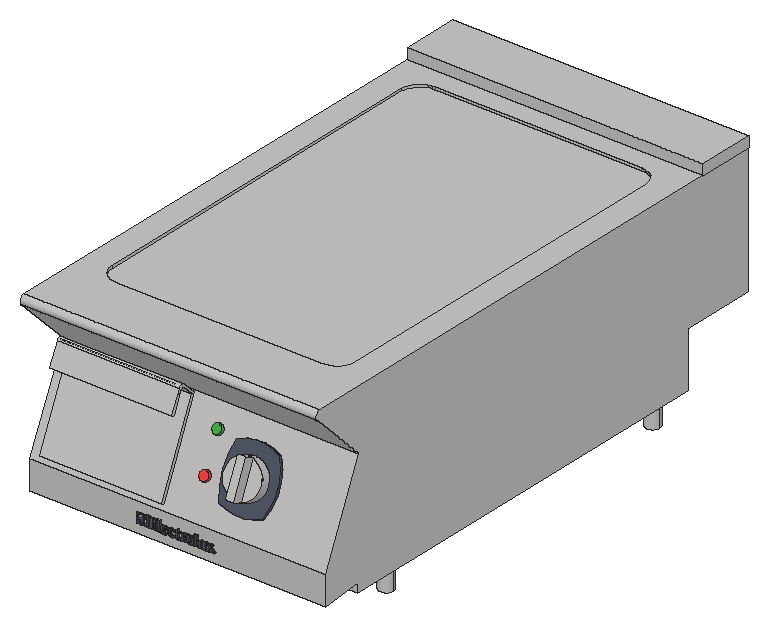
Revit family "QF_ELECTROLUXPROFESSIONAL_Professional_371332_E7IILDAOMCA", category Specialty Equipment, Revit 2018
Family settings
  Round Connector Dimension = Use Diameter
  Part Type = Normal
  Work Plane-Based = No
  Always vertical = Yes
  Cut with Voids When Loaded = No
  Shared = No
  Room Calculation Point = No
Parameters
  Width = 400.05 mm  # constant formula
  Weight in Pounds = 104  # constant formula
  Watts = 4200 VA  # 4200 W
  Volts = 400 V  # constant formula
  URL Cutsheet = "www.electrolux.com/foodservice"
  URL = "www.electrolux.com/foodservice"
  Type Mark [instance] = ""
  Status [instance] = ""
  Specification by User [instance] = ""
  Specification by Manufacturer = ""
  Show Logo [instance] = yes
  Show Clearance [instance] = yes
  Serial Number = ""
  Seismic Rating = ""
  SMACNA No = ""
  Revision Code [instance] = ""
  Phase = 3  # constant formula
  Omniclass Number and Title = ""
  Number of Poles [instance] = 1
  NAFEM Spec ID Number = ""
  Model = "371185"
  Min Ckt Ampacity = 0 A
  Max Overcurrent Protection = 0 A
  Masterspec = ""
  Manufacturer = "ELECTROLUX"
  Item Number [instance] = ""
  Installed By [instance] = ""
  Identify Quantity as Lot [instance] = yes
  Height = 289 mm  # constant formula
  HP = "5.6 HP"
  Furnished By [instance] = ""
  Foodservice Equipment Identifier [instance] = yes
  FL Amps = if(Phase = 3, Watts / (Volts * 1.73), Watts / Volts)  # 6.06936 A
  Electrical Remarks [instance] = "400 V/3N ph/50/60 Hz"  # constant formula
  Electric Connection Type [instance] = ""
  Elec Conn RI Height [instance] = 0 mm
  Elec Conn Connection Height [instance] = 0 mm
  Direct Waste Size = 0"
  Description = "700XP Half Module Electric Fry Top, Ribbed Plate, Mild Steel - 400V"
  Depth = 730.25 mm  # constant formula
  Cycle [instance] = if([60 Hertz Option], 60 Hz, 50 Hz)  # 60 Hz
  Conn Plug = ""
  Conn Conduit = yes
  CSI MasterFormat = ""
  CSI Master Format = ""
  Base Height [instance] = 25.4 mm  # constant formula
  Apparent Power = if(Phase = 3, Volts * FL Amps * 1.73, Volts * FL Amps)  # 4200 VA
  60 Hertz Option [instance] = not([50 Hertz Option])  # yes
  50 Hertz Option [instance] = no
Reference planes
  plane 1 "BACK": y = 0
  plane 2: z = 0
  plane 3 "LEFT": x = 0
  plane 4 "RIGHT": x = 400.05
  plane 5 "FRONT": y = -730.25
  plane 6 "TOP": z = 289
  plane 7 "Center Y": x = 200.025
  plane 8 "Center X": y = -365.125
  plane 9 "BASE": z = 25.4
  plane 10: y = -597.884
  plane 11: y = -147.637
Forms (mm)
  Extrusion 1, solid, material "QF_Finishes_Clearance", visible <- "Show Clearance", detail levels coarse
    sketch origin (0, 0, 0) x (1, 0, 0) y (0, 1, 0)
      loop
        line (0, -730.25) -> (0, 0) -> (400.05, 0) -> (400.05, -730.25) -> (550.069, -730.25) -> (550.069, 150.019) -> (-150.019, 150.019) -> (-150.019, -730.25) -> (0, -730.25)
    from 0 to 289
  Extrusion 2, solid, material "QF_Finishes_Stainless Steel"
    sketch origin (0, 0, 0) x (0, 1, 0) y (0, 0, 1)
      loop
        line (0, 275) -> (-723.497, 275)
        arc (-723.497, 275) -> (-729.729, 270.836) -> (-728.267, 263.485) r 6.745
        line (-728.267, 263.485) -> (-657.416, 192.634) -> (-713.772, 70.59) -> (-713.772, 32.49) -> (-660.4, 38.1) -> (-660.4, 25.4) -> (-101.6, 25.4) -> (-101.6, 100.012) -> (0, 100.012) -> (0, 275)
    from 0 to 400.05
  Extrusion 3, void
    sketch origin (0, -2.381, 275.4) x (-1, 0, 0) y (0, -1, 0)
      loop
        arc (-60.425, 102.504) -> (-42.464, 109.943) -> (-35.025, 127.904) r 25.4
        line (-35.025, 127.904) -> (-35.025, 617.104)
        arc (-35.025, 617.104) -> (-42.464, 635.064) -> (-60.425, 642.504) r 25.4
        line (-60.425, 642.504) -> (-339.625, 642.504)
        arc (-339.625, 642.504) -> (-357.586, 635.064) -> (-365.025, 617.104) r 25.4
        line (-365.025, 617.104) -> (-365.025, 127.904)
        arc (-365.025, 127.904) -> (-357.586, 109.943) -> (-339.625, 102.504) r 25.4
        line (-339.625, 102.504) -> (-60.425, 102.504)
    from 0 to -3.2
  Extrusion 4, solid, material "QF_Finishes_Stainless Steel"
    sketch origin (0, 0, 0) x (1, 0, 0) y (0, 1, 0)
      loop
        circle (11.112, -147.638) r 9.525
      loop
        circle (11.112, -597.884) r 9.525
      loop
        circle (388.937, -147.638) r 9.525
      loop
        circle (388.937, -597.884) r 9.525
    from 0 to 25.4
  Extrusion 5, solid, material "QF_Finishes_Navy Blue"
    sketch origin (115.456, -713.772, 70.59) x (0, 0.419232, 0.907879) y (-1, 0, 0)
      loop
        arc (102.26, -132.62) -> (66.843, -125.139) -> (31.333, -132.16) r 90.355
        arc (31.333, -132.16) -> (24.504, -161.269) -> (31.333, -190.378) r 65.456
        arc (31.333, -190.378) -> (66.877, -199.452) -> (102.26, -189.765) r 71.728
        arc (102.26, -189.765) -> (108.852, -161.193) -> (102.26, -132.62) r 65.22
    from 0 to 3.175
  Extrusion 6, solid, material "QF_Finishes_Stainless Steel"
    sketch origin (115.456, -717.486, 70.121) x (0, 0.419232, 0.907879) y (-1, 0, 0)
      loop
        circle (68.826, -160.963) r 25.4
    from 0 to 12.7
  Extrusion 7, solid, material "QF_Finishes_Stainless Steel"
    sketch origin (115.456, -729.016, 75.445) x (0, 0.419232, 0.907879) y (-1, 0, 0)
      loop
        arc (93.558, -166.749) -> (94.226, -160.963) -> (93.558, -155.177) r 25.4
        line (93.558, -155.177) -> (44.094, -155.177)
        arc (44.094, -155.177) -> (43.426, -160.963) -> (44.094, -166.749) r 25.4
        line (44.094, -166.749) -> (93.558, -166.749)
    from 0 to 12.7
  Extrusion 8, solid, material "QF_Finishes_Navy Blue", visible <- "Show Logo"
    sketch origin (-142.26, -713.772, 37.253) x (0, 0, 1) y (-1, 0, 0)
      loop
        line (20.674, -296.698) -> (8.307, -296.698)
        arc (8.307, -296.698) -> (14.491, -301.27) -> (20.674, -296.698) r 6.467
      loop
        arc (20.674, -296.069) -> (19.505, -290.926) -> (14.849, -288.448) r 6.338
        line (14.849, -288.448) -> (14.849, -290.494)
        arc (14.849, -290.494) -> (16.333, -294.149) -> (19.778, -296.069) r 5.941
        line (19.778, -296.069) -> (20.674, -296.069)
      loop
        arc (9.203, -296.069) -> (12.648, -294.149) -> (14.132, -290.494) r 5.941
        line (14.132, -290.494) -> (14.132, -288.448)
        arc (14.132, -288.448) -> (9.438, -290.922) -> (8.148, -296.069) r 6.504
        line (8.148, -296.069) -> (9.203, -296.069)
      loop
        line (21.349, -287.979) -> (7.604, -287.979) -> (7.604, -301.742) -> (21.349, -301.742) -> (21.349, -287.979)
      loop
        arc (21.432, -304.71) -> (21.085, -304.352) -> (20.718, -304.69) r 0.358
        arc (20.718, -304.69) -> (20.404, -305.44) -> (19.687, -305.825) r 1.216
        line (19.687, -305.825) -> (9.274, -305.825)
        arc (9.274, -305.825) -> (8.614, -305.548) -> (8.218, -304.951) r 1.238
        arc (8.218, -304.951) -> (7.823, -304.7) -> (7.518, -305.054) r 0.358
        line (7.518, -305.054) -> (7.518, -314.933) -> (10.269, -314.933) -> (10.269, -314.036)
        arc (10.269, -314.036) -> (9.36, -313.456) -> (8.904, -312.479) r 1.928
        line (8.904, -312.479) -> (8.904, -309.98)
        arc (8.904, -309.98) -> (9.18, -309.251) -> (9.868, -308.887) r 1.101
        line (9.868, -308.887) -> (13.955, -308.887) -> (13.955, -312.561)
        arc (13.955, -312.561) -> (13.602, -313.058) -> (13.037, -313.286) r 1.083
        arc (13.037, -313.286) -> (12.773, -313.591) -> (13.065, -313.869) r 0.292
        line (13.065, -313.869) -> (16.028, -313.869)
        arc (16.028, -313.869) -> (16.33, -313.596) -> (16.092, -313.266) r 0.305
        arc (16.092, -313.266) -> (15.601, -313.018) -> (15.296, -312.561) r 1.083
        line (15.296, -312.561) -> (15.296, -308.887) -> (19.973, -308.887) -> (19.973, -312.635)
        arc (19.973, -312.635) -> (19.759, -313.39) -> (19.153, -313.888) r 1.314
        arc (19.153, -313.888) -> (18.934, -314.292) -> (19.288, -314.585) r 0.361
        line (19.288, -314.585) -> (21.432, -314.585) -> (21.432, -304.71)
      loop
        arc (20.715, -315.365) -> (20.335, -316.284) -> (19.416, -316.664) r 1.299
        line (19.416, -316.664) -> (9.837, -316.664)
        arc (9.837, -316.664) -> (8.999, -316.286) -> (8.728, -315.408) r 1.118
        line (8.728, -315.408) -> (7.518, -315.408) -> (7.518, -320.758) -> (8.706, -320.758)
        arc (8.706, -320.758) -> (8.978, -319.841) -> (9.848, -319.445) r 1.153
        line (9.848, -319.445) -> (21.92, -319.445) -> (20.715, -315.365)
      loop
        line (12.483, -323.394) -> (12.483, -329.842) -> (13.282, -329.842)
        arc (13.282, -329.842) -> (15.862, -328.857) -> (17.131, -326.404) r 3.874
        line (17.131, -326.404) -> (17.131, -324.643)
        arc (17.131, -324.643) -> (15.944, -321.778) -> (13.08, -320.592) r 4.051
        line (13.08, -320.592) -> (11.072, -320.592)
        arc (11.072, -320.592) -> (8.253, -322.077) -> (7.202, -325.084) r 4.352
        arc (7.202, -325.084) -> (7.566, -327.547) -> (8.943, -329.621) r 5.713
        line (8.943, -329.621) -> (9.892, -329.621)
        arc (9.892, -329.621) -> (9.16, -328.052) -> (8.943, -326.334) r 5.579
        arc (8.943, -326.334) -> (9.737, -324.371) -> (11.616, -323.394) r 3.057
        line (11.616, -323.394) -> (12.483, -323.394)
      loop
        line (13.742, -323.394) -> (13.742, -326.977)
        arc (13.742, -326.977) -> (15.199, -327.024) -> (16.082, -325.864) r 1.59
        line (16.082, -325.864) -> (16.082, -325.034)
        arc (16.082, -325.034) -> (15.217, -323.779) -> (13.742, -323.394) r 2.184
      loop
        arc (16.533, -339.259) -> (17.022, -337.585) -> (17.179, -335.848) r 9.023
        line (17.179, -335.848) -> (17.179, -334.486)
        arc (17.179, -334.486) -> (16.02, -331.686) -> (13.22, -330.527) r 3.959
        line (13.22, -330.527) -> (10.62, -330.527)
        arc (10.62, -330.527) -> (8.338, -331.819) -> (7.221, -334.192) r 4.331
        line (7.221, -334.192) -> (7.221, -336.327)
        arc (7.221, -336.327) -> (7.729, -337.877) -> (8.651, -339.223) r 5.772
        arc (8.651, -339.223) -> (9.412, -339.274) -> (9.499, -338.515) r 0.553
        arc (9.499, -338.515) -> (9.111, -337.781) -> (8.977, -336.962) r 2.573
        line (8.977, -336.962) -> (8.977, -335.447)
        arc (8.977, -335.447) -> (9.983, -333.806) -> (11.798, -333.163) r 2.884
        line (11.798, -333.163) -> (13.077, -333.163)
        arc (13.077, -333.163) -> (14.898, -333.723) -> (15.824, -335.388) r 2.554
        line (15.824, -335.388) -> (15.824, -336.441)
        arc (15.824, -336.441) -> (15.493, -337.369) -> (14.836, -338.104) r 2.564
        arc (14.836, -338.104) -> (14.614, -338.821) -> (15.223, -339.259) r 0.643
        line (15.223, -339.259) -> (16.533, -339.259)
      loop
        line (15.515, -339.53) -> (15.515, -341.031) -> (9.467, -341.031)
        arc (9.467, -341.031) -> (7.879, -341.688) -> (7.221, -343.276) r 2.246
        line (7.221, -343.276) -> (7.221, -344.86)
        arc (7.221, -344.86) -> (7.535, -345.725) -> (8.035, -346.496) r 4.06
        arc (8.035, -346.496) -> (8.768, -346.629) -> (9.019, -345.928) r 0.576
        arc (9.019, -345.928) -> (8.913, -345.403) -> (8.977, -344.87) r 1.69
        arc (8.977, -344.87) -> (9.519, -344.082) -> (10.425, -343.779) r 1.506
        line (10.425, -343.779) -> (15.563, -343.779) -> (15.563, -346.176) -> (16.119, -346.733) -> (16.941, -346.733) -> (16.941, -343.873) -> (20.172, -343.873) -> (15.515, -339.53)
      loop
        line (7.438, -347.63) -> (7.438, -353.017) -> (8.548, -353.017)
        arc (8.548, -353.017) -> (8.942, -352.066) -> (9.893, -351.672) r 1.345
        line (9.893, -351.672) -> (13.509, -351.672)
        arc (13.509, -351.672) -> (14.274, -352.264) -> (14.564, -353.186) r 1.615
        line (14.564, -353.186) -> (14.564, -354.742) -> (17.119, -355.427) -> (17.119, -354.044) -> (15.177, -351.485) -> (17.057, -351.485) -> (16.773, -348.779)
        arc (16.773, -348.779) -> (16.333, -348.249) -> (15.674, -348.45) r 0.621
        arc (15.674, -348.45) -> (15.274, -348.792) -> (14.78, -348.975) r 1.501
        line (14.78, -348.975) -> (9.893, -348.975)
        arc (9.893, -348.975) -> (8.942, -348.581) -> (8.548, -347.63) r 1.345
        line (8.548, -347.63) -> (7.438, -347.63)
      loop
        line (13.54, -354.964) -> (10.848, -354.964)
        arc (10.848, -354.964) -> (8.403, -356.272) -> (7.269, -358.803) r 4.288
        arc (7.269, -358.803) -> (7.205, -360.183) -> (7.269, -361.563) r 15.022
        arc (7.269, -361.563) -> (8.403, -364.094) -> (10.848, -365.401) r 4.288
        line (10.848, -365.401) -> (13.54, -365.401)
        arc (13.54, -365.401) -> (15.986, -364.094) -> (17.119, -361.563) r 4.288
        arc (17.119, -361.563) -> (17.183, -360.183) -> (17.119, -358.803) r 15.022
        arc (17.119, -358.803) -> (15.986, -356.272) -> (13.54, -354.964) r 4.288
      loop
        line (13.745, -358.078) -> (10.643, -358.078)
        arc (10.643, -358.078) -> (8.486, -360.235) -> (10.643, -362.392) r 2.157
        line (10.643, -362.392) -> (13.745, -362.392)
        arc (13.745, -362.392) -> (15.902, -360.235) -> (13.745, -358.078) r 2.157
      loop
        arc (20.726, -365.26) -> (20.355, -366.154) -> (19.461, -366.524) r 1.264
        line (19.461, -366.524) -> (9.597, -366.524)
        arc (9.597, -366.524) -> (8.727, -366.127) -> (8.455, -365.211) r 1.153
        line (8.455, -365.211) -> (7.518, -365.211) -> (7.518, -370.319) -> (8.446, -370.319)
        arc (8.446, -370.319) -> (8.805, -369.547) -> (9.597, -369.232) r 1.153
        line (9.597, -369.232) -> (21.92, -369.232) -> (20.726, -365.26)
      loop
        arc (15.846, -369.857) -> (15.647, -370.921) -> (14.678, -371.403) r 1.215
        line (14.678, -371.403) -> (9.658, -371.403)
        arc (9.658, -371.403) -> (8.043, -372.051) -> (7.322, -373.634) r 2.338
        line (7.322, -373.634) -> (7.322, -375.148)
        arc (7.322, -375.148) -> (7.497, -376.152) -> (7.999, -377.038) r 2.979
        line (7.999, -377.038) -> (7.518, -378.835) -> (7.518, -380.524) -> (16.943, -380.524) -> (16.649, -376.32) -> (15.863, -376.32)
        arc (15.863, -376.32) -> (15.507, -377.156) -> (14.755, -377.665) r 1.605
        line (14.755, -377.665) -> (9.652, -377.665)
        arc (9.652, -377.665) -> (9.232, -376.728) -> (9.159, -375.704) r 2.94
        arc (9.159, -375.704) -> (9.72, -374.603) -> (10.873, -374.16) r 1.724
        line (10.873, -374.16) -> (17.07, -374.16) -> (15.846, -369.857)
      loop
        line (16.874, -381.377) -> (15.202, -383.423) -> (12.028, -385.729) -> (8.572, -382.617)
        arc (8.572, -382.617) -> (8.335, -382.223) -> (8.357, -381.764) r 0.789
        line (8.357, -381.764) -> (7.518, -381.764) -> (7.518, -385.309) -> (8.344, -385.309)
        arc (8.344, -385.309) -> (8.686, -384.947) -> (9.176, -385.039) r 0.52
        line (9.176, -385.039) -> (10.976, -386.51) -> (8.858, -387.886)
        arc (8.858, -387.886) -> (8.457, -387.576) -> (8.37, -387.076) r 0.7
        line (8.37, -387.076) -> (7.518, -387.076) -> (7.518, -393.003) -> (8.405, -393.003)
        arc (8.405, -393.003) -> (8.472, -392.344) -> (8.866, -391.813) r 1.247
        line (8.866, -391.813) -> (13.066, -388.532) -> (15.513, -390.585) -> (16.874, -392.327) -> (16.874, -388.604) -> (15.389, -389.026) -> (13.868, -387.749) -> (15.568, -386.559) -> (16.874, -387.336) -> (16.874, -381.377)
    from 0 to 1.644
  Extrusion 9, solid, material "QF_Finishes_Stainless Steel"
    sketch origin (0, -101.6, 100.012) x (0, 0, -1) y (-1, 0, 0)
      loop
        circle (39.612, -348.05) r 12.7
    from 0 to 3.175
  Extrusion 10, solid, material "QF_Finishes_Stainless Steel"
    sketch origin (0, 0, 0) x (0, 1, 0) y (0, 0, 1)
      loop
        line (-658.831, 189.959) -> (-675.238, 206.366)
        arc (-675.238, 206.366) -> (-679.705, 207.768) -> (-683.409, 204.904) r 5.058
        line (-683.409, 204.904) -> (-696.071, 177.394) -> (-693.187, 176.066) -> (-680.525, 203.576)
        arc (-680.525, 203.576) -> (-679.146, 204.643) -> (-677.483, 204.121) r 1.883
        line (-677.483, 204.121) -> (-662.64, 189.278) -> (-713.474, 78.833) -> (-710.589, 77.505) -> (-658.831, 189.959)
    from 12.7 to 177.8
  Extrusion 11, solid, material "QF_Finishes_Drawer Clearance", visible <- "Show Clearance", detail levels coarse
    sketch origin (0, -101.6, 0) x (0, 1, 0) y (0, 0, 1)
      loop
        line (-660.751, 176.066) -> (-648.089, 203.576)
        arc (-648.089, 203.576) -> (-646.71, 204.643) -> (-645.046, 204.121) r 1.883
        line (-645.046, 204.121) -> (-630.204, 189.278) -> (-681.037, 78.833) -> (-678.153, 77.505) -> (-608.989, 77.505) -> (-557.231, 189.959) -> (-573.638, 206.366)
        arc (-573.638, 206.366) -> (-574.873, 207.273) -> (-576.323, 207.768) r 5.058
        line (-576.323, 207.768) -> (-647.269, 207.768)
        arc (-647.269, 207.768) -> (-649.472, 206.79) -> (-650.973, 204.904) r 5.058
        line (-650.973, 204.904) -> (-663.635, 177.394) -> (-660.751, 176.066)
    from 12.7 to 177.8
  Extrusion 12, solid, material "QF_Finishes_Green"
    sketch origin (129.198, -709.817, 79.155) x (0, 0.419232, 0.907879) y (-1, 0, 0)
      loop
        circle (94.749, -90.848) r 6.35
    from 0 to 3.175
  Extrusion 13, solid, material "QF_Finishes_Red"
    sketch origin (129.198, -731.78, 31.593) x (0, 0.419232, 0.907879) y (-1, 0, 0)
      loop
        circle (95.112, -90.848) r 6.35
    from 0 to 3.175
  Extrusion 14, solid, material "QF_Finishes_Stainless Steel"
    sketch origin (0, 0, 0) x (0, 1, 0) y (0, 0, 1)
      loop
        line (0, 274.638) -> (0, 288.925) -> (-76.2, 288.925) -> (-76.2, 274.638) -> (0, 274.638)
    from 0 to 400.05
Cuts and joins
  Extrusion 3 cuts Extrusion 1
  Extrusion 3 cuts Extrusion 2
Lines and regions (mm)
  symbolic lines, style "QF-Clearances", visible <- "Show Clearance", detail levels coarse
    curve 1: line (-150.019, 150.019, 276.225) -> (-150.019, -730.25, 276.225)
    curve 2: line (550.069, 150.019, 276.225) -> (-150.019, 150.019, 276.225)
    curve 3: line (550.069, -730.25, 276.225) -> (550.069, 150.019, 276.225)
  symbolic lines
    curve 4: line (0, 0, 276.225) -> (400.05, 0, 276.225)
    curve 5: line (0, -730.25, 276.225) -> (0, 0, 276.225)
    curve 6: line (400.05, 0, 276.225) -> (400.05, -730.25, 276.225)
    curve 7: line (35.025, -130.285, 276.225) -> (35.025, -619.485, 276.225)
    curve 8: arc (35.025, -619.485, 276.225) -> (42.464, -637.445, 276.225) -> (60.425, -644.885, 276.225) r 25.4
    curve 9: arc (339.625, -644.885, 276.225) -> (357.586, -637.445, 276.225) -> (365.025, -619.485, 276.225) r 25.4
    curve 10: line (365.025, -619.485, 276.225) -> (365.025, -130.285, 276.225)
    curve 11: line (339.625, -104.885, 276.225) -> (60.425, -104.885, 276.225)
    curve 12: line (0, -69.85, 276.225) -> (400.05, -69.85, 276.225)
    curve 13: line (400.05, -730.25, 276.225) -> (0, -730.25, 276.225)
    curve 14: arc (60.425, -104.885, 276.225) -> (42.464, -112.324, 276.225) -> (35.025, -130.285, 276.225) r 25.4
    curve 15: arc (339.625, -104.885, 276.225) -> (357.586, -112.324, 276.225) -> (365.025, -130.285, 276.225) r 25.4
    curve 16: line (60.425, -644.885, 276.225) -> (339.625, -644.885, 276.225)
  symbolic lines, style "QF_Drawer Clearance", visible <- "Show Clearance", detail levels coarse
    curve 17: line (12.7, -730.25, 276.225) -> (12.7, -782.637, 276.225)
    curve 18: line (12.7, -782.637, 276.225) -> (177.8, -782.637, 276.225)
    curve 19: line (177.8, -782.637, 276.225) -> (177.8, -730.25, 276.225)
Dimensions and locks
  equal spacing: plane 3 "LEFT", plane 7 "Center Y", plane 4 "RIGHT"
  "Width": plane 3 "LEFT" to plane 4 "RIGHT"
  equal spacing: plane 5 "FRONT", plane 8 "Center X", plane 1 "BACK"
  "Depth": plane 5 "FRONT" to plane 1 "BACK"
  plane 1 "BACK" to plane 5 "FRONT" = 730.25 mm
  "Base Height": plane 9 "BASE" to level
  plane 9 "BASE" to level = 25.4 mm
  "Height": plane 6 "TOP" to level
  plane 4 "RIGHT" to Extrusion 9 sketch curve = 52 mm
  Extrusion 9 sketch curve to plane 9 "BASE" = 35 mm
  aligned and locked: level to plane 2
  aligned and locked: plane 6 "TOP" to Extrusion 1
Automatic sketch dimensions
  plane 1 "BACK" to Extrusion 1 sketch curve = 0 mm
  Extrusion 1 sketch curve to plane 3 "LEFT" = 0 mm
  Extrusion 1 sketch curve to plane 4 "RIGHT" = 0 mm
  Extrusion 1 sketch curve to plane 3 "LEFT" = 150.019 mm
  plane 5 "FRONT" to Extrusion 1 sketch curve = 0 mm  (x2)
  plane 4 "RIGHT" to Extrusion 1 sketch curve = 150.019 mm
  Extrusion 1 sketch curve to plane 1 "BACK" = 150.019 mm
  Extrusion 3 sketch curve to plane 4 "RIGHT" = 35.025 mm
  Extrusion 3 sketch curve to Extrusion 3 sketch curve = 25.4 mm  (x3)
  Extrusion 3 sketch curve to plane 11 = 17.353 mm
  plane 3 "LEFT" to Extrusion 3 sketch curve = 60.425 mm  (x2)
  plane 10 to Extrusion 3 sketch curve = 21.6 mm
  plane 10 to Extrusion 4 sketch curve = 0 mm  (x2)
  plane 11 to Extrusion 4 sketch curve = 0 mm  (x2)
  plane 3 "LEFT" to Extrusion 4 sketch curve = 11.112 mm  (x2)
  Extrusion 4 sketch curve to plane 4 "RIGHT" = 11.113 mm  (x2)
  Extrusion 5 sketch curve to Extrusion 2 = 31.333 mm  (x2)
  Extrusion 5 sketch curve to Extrusion 5 sketch curve = 12.3 mm  (x3)
  Extrusion 5 sketch curve to Extrusion 5 sketch curve = 34.925 mm  (x2)
  Extrusion 5 sketch curve to Extrusion 5 sketch curve = 23.703 mm
  Extrusion 2 to Extrusion 5 sketch curve = 69.101 mm
  Extrusion 5 sketch curve to Extrusion 5 sketch curve = 25.114 mm
  Extrusion 5 sketch curve to Extrusion 5 sketch curve = 25.727 mm
  Extrusion 5 sketch curve to Extrusion 5 sketch curve = 28.496 mm
  Extrusion 7 sketch curve to Extrusion 7 sketch curve = 24.732 mm
  Extrusion 7 sketch curve to Extrusion 7 sketch curve = 0 mm
  Extrusion 8 sketch curve to Extrusion 2 = 6.923 mm
  Extrusion 8 sketch curve to Extrusion 2 = 11.964 mm
  Extrusion 8 sketch curve to Extrusion 2 = 11.983 mm
  Extrusion 8 sketch curve to Extrusion 8 sketch curve = 0 mm  (x28)
  Extrusion 8 sketch curve to Extrusion 8 sketch curve = 5.108 mm  (x2)
  Extrusion 8 sketch curve to Extrusion 2 = 12.085 mm
  Extrusion 8 sketch curve to Extrusion 8 sketch curve = 0.218 mm
  Extrusion 8 sketch curve to Extrusion 8 sketch curve = 0.195 mm
  Extrusion 8 sketch curve to Extrusion 8 sketch curve = 0.249 mm
  Extrusion 8 sketch curve to Extrusion 2 = 12.28 mm
  Extrusion 8 sketch curve to Extrusion 8 sketch curve = 0.087 mm
  Extrusion 8 sketch curve to Extrusion 8 sketch curve = 0.358 mm
  Extrusion 8 sketch curve to Extrusion 8 sketch curve = 0.481 mm
  Extrusion 8 sketch curve to Extrusion 8 sketch curve = 0.597 mm
  Extrusion 8 sketch curve to Extrusion 8 sketch curve = 0.544 mm
  Extrusion 8 sketch curve to Extrusion 8 sketch curve = 0.936 mm
  Extrusion 8 sketch curve to Extrusion 8 sketch curve = 0.594 mm
  Extrusion 8 sketch curve to Extrusion 8 sketch curve = 0.343 mm
  Extrusion 8 sketch curve to Extrusion 8 sketch curve = 0.159 mm
  Extrusion 8 sketch curve to Extrusion 8 sketch curve = 0.826 mm
  Extrusion 8 sketch curve to Extrusion 8 sketch curve = 0.839 mm
  Extrusion 8 sketch curve to Extrusion 8 sketch curve = 0.852 mm
  Extrusion 8 sketch curve to Extrusion 8 sketch curve = 0.887 mm
  Extrusion 8 sketch curve to Extrusion 8 sketch curve = 0.928 mm
  Extrusion 8 sketch curve to Extrusion 8 sketch curve = 0.938 mm
  Extrusion 8 sketch curve to Extrusion 8 sketch curve = 0.444 mm
  Extrusion 8 sketch curve to Extrusion 8 sketch curve = 1.11 mm  (x3)
  Extrusion 8 sketch curve to Extrusion 8 sketch curve = 0.215 mm
  Extrusion 8 sketch curve to Extrusion 8 sketch curve = 1.43 mm
  Extrusion 8 sketch curve to Extrusion 8 sketch curve = 1.188 mm
  Extrusion 8 sketch curve to Extrusion 8 sketch curve = 1.21 mm  (x2)
  Extrusion 8 sketch curve to Extrusion 8 sketch curve = 0.503 mm
  Extrusion 8 sketch curve to Extrusion 8 sketch curve = 0.488 mm
  Extrusion 8 sketch curve to Extrusion 8 sketch curve = 0.462 mm
  Extrusion 8 sketch curve to Extrusion 8 sketch curve = 1.386 mm
  Extrusion 8 sketch curve to Extrusion 8 sketch curve = 1.742 mm  (x2)
  Extrusion 8 sketch curve to Extrusion 8 sketch curve = 0.821 mm
  Extrusion 8 sketch curve to Extrusion 8 sketch curve = 0.497 mm
  Extrusion 8 sketch curve to Extrusion 8 sketch curve = 0.539 mm
  Extrusion 8 sketch curve to Extrusion 8 sketch curve = 0.686 mm
  Extrusion 8 sketch curve to Extrusion 8 sketch curve = 0.408 mm
  Extrusion 8 sketch curve to Extrusion 8 sketch curve = 0.743 mm
  Extrusion 8 sketch curve to Extrusion 8 sketch curve = 1.16 mm
  Extrusion 8 sketch curve to Extrusion 8 sketch curve = 0.329 mm
  Extrusion 8 sketch curve to Extrusion 8 sketch curve = 1.054 mm
  Extrusion 8 sketch curve to Extrusion 8 sketch curve = 1.056 mm
  Extrusion 8 sketch curve to Extrusion 8 sketch curve = 0.129 mm
  Extrusion 8 sketch curve to Extrusion 8 sketch curve = 0.489 mm
  Extrusion 8 sketch curve to Extrusion 8 sketch curve = 0.441 mm
  Extrusion 8 sketch curve to Extrusion 8 sketch curve = 1.151 mm
  Extrusion 8 sketch curve to Extrusion 8 sketch curve = 1.141 mm  (x2)
  Extrusion 8 sketch curve to Extrusion 8 sketch curve = 0.768 mm
  Extrusion 8 sketch curve to Extrusion 8 sketch curve = 1.653 mm
  Extrusion 8 sketch curve to Extrusion 8 sketch curve = 0.499 mm
  Extrusion 8 sketch curve to Extrusion 8 sketch curve = 0.964 mm
  Extrusion 8 sketch curve to Extrusion 8 sketch curve = 0.949 mm
  Extrusion 8 sketch curve to Extrusion 8 sketch curve = 1.345 mm  (x3)
  Extrusion 8 sketch curve to Extrusion 8 sketch curve = 1.101 mm
  Extrusion 8 sketch curve to Extrusion 8 sketch curve = 0.432 mm
  Extrusion 8 sketch curve to Extrusion 8 sketch curve = 1.142 mm
  Extrusion 8 sketch curve to Extrusion 8 sketch curve = 0.959 mm
  Extrusion 8 sketch curve to Extrusion 8 sketch curve = 0.176 mm
  Extrusion 8 sketch curve to Extrusion 8 sketch curve = 0.728 mm
  Extrusion 8 sketch curve to Extrusion 8 sketch curve = 3.375 mm  (x2)
  Extrusion 8 sketch curve to Extrusion 8 sketch curve = 0.541 mm
  Extrusion 8 sketch curve to Extrusion 8 sketch curve = 0.955 mm
  Extrusion 8 sketch curve to Extrusion 8 sketch curve = 1.251 mm
  Extrusion 8 sketch curve to Extrusion 8 sketch curve = 0.572 mm
  Extrusion 8 sketch curve to Extrusion 8 sketch curve = 1.92 mm
  Extrusion 8 sketch curve to Extrusion 8 sketch curve = 1.224 mm
  Extrusion 8 sketch curve to Extrusion 8 sketch curve = 0.745 mm
  Extrusion 8 sketch curve to Extrusion 8 sketch curve = 2.537 mm
  Extrusion 8 sketch curve to Extrusion 8 sketch curve = 0.896 mm  (x3)
  Extrusion 8 sketch curve to Extrusion 8 sketch curve = 0.036 mm
  Extrusion 8 sketch curve to Extrusion 8 sketch curve = 2.607 mm
  Extrusion 8 sketch curve to Extrusion 8 sketch curve = 0.066 mm
  Extrusion 8 sketch curve to Extrusion 8 sketch curve = 0.248 mm
  Extrusion 8 sketch curve to Extrusion 8 sketch curve = 0.449 mm
  Extrusion 8 sketch curve to Extrusion 8 sketch curve = 1.052 mm
  Extrusion 8 sketch curve to Extrusion 8 sketch curve = 1.863 mm
  Extrusion 8 sketch curve to Extrusion 8 sketch curve = 1.31 mm  (x2)
  Extrusion 8 sketch curve to Extrusion 8 sketch curve = 0.901 mm
  Extrusion 8 sketch curve to Extrusion 8 sketch curve = 1.107 mm
  Extrusion 8 sketch curve to Extrusion 8 sketch curve = 2.122 mm
  Extrusion 8 sketch curve to Extrusion 8 sketch curve = 2.101 mm
  Extrusion 8 sketch curve to Extrusion 8 sketch curve = 0.106 mm
  Extrusion 8 sketch curve to Extrusion 8 sketch curve = 0.029 mm
  Extrusion 8 sketch curve to Extrusion 8 sketch curve = 2.09 mm
  Extrusion 8 sketch curve to Extrusion 8 sketch curve = 1.279 mm
  Extrusion 8 sketch curve to Extrusion 8 sketch curve = 2.008 mm
  Extrusion 8 sketch curve to Extrusion 8 sketch curve = 0.738 mm
  Extrusion 8 sketch curve to Extrusion 8 sketch curve = 0.382 mm
  Extrusion 8 sketch curve to Extrusion 8 sketch curve = 0.384 mm
  Extrusion 8 sketch curve to Extrusion 8 sketch curve = 0.002 mm
  Extrusion 8 sketch curve to Extrusion 8 sketch curve = 0.561 mm
  Extrusion 8 sketch curve to Extrusion 8 sketch curve = 0.592 mm
  Extrusion 8 sketch curve to Extrusion 8 sketch curve = 2.692 mm
  Extrusion 8 sketch curve to Extrusion 8 sketch curve = 1.259 mm
  Extrusion 8 sketch curve to Extrusion 8 sketch curve = 0.802 mm
  Extrusion 8 sketch curve to Extrusion 8 sketch curve = 1.024 mm
  Extrusion 8 sketch curve to Extrusion 8 sketch curve = 0.682 mm
  Extrusion 8 sketch curve to Extrusion 8 sketch curve = 5.934 mm
  Extrusion 8 sketch curve to Extrusion 8 sketch curve = 2.186 mm
  Extrusion 8 sketch curve to Extrusion 8 sketch curve = 0.337 mm
  Extrusion 8 sketch curve to Extrusion 8 sketch curve = 0.021 mm
  Extrusion 8 sketch curve to Extrusion 8 sketch curve = 1.005 mm
  Extrusion 8 sketch curve to Extrusion 8 sketch curve = 0.552 mm
  Extrusion 8 sketch curve to Extrusion 8 sketch curve = 0.778 mm
  Extrusion 8 sketch curve to Extrusion 8 sketch curve = 0.063 mm
  Extrusion 8 sketch curve to Extrusion 8 sketch curve = 1.023 mm
  Extrusion 8 sketch curve to Extrusion 8 sketch curve = 3.804 mm
  Extrusion 8 sketch curve to Extrusion 8 sketch curve = 0.486 mm
  Extrusion 8 sketch curve to Extrusion 8 sketch curve = 0.266 mm
  Extrusion 8 sketch curve to Extrusion 8 sketch curve = 1.547 mm
  Extrusion 8 sketch curve to Extrusion 8 sketch curve = 0.717 mm  (x2)
  Extrusion 8 sketch curve to Extrusion 8 sketch curve = 1.667 mm
  Extrusion 8 sketch curve to Extrusion 8 sketch curve = 3.174 mm
  Extrusion 8 sketch curve to Extrusion 8 sketch curve = 0.388 mm
  Extrusion 8 sketch curve to Extrusion 8 sketch curve = 1.342 mm
  Extrusion 8 sketch curve to Extrusion 8 sketch curve = 1.521 mm
  Extrusion 8 sketch curve to Extrusion 8 sketch curve = 0.124 mm
  Extrusion 8 sketch curve to Extrusion 8 sketch curve = 0.291 mm
  Extrusion 8 sketch curve to Extrusion 8 sketch curve = 1.049 mm  (x2)
  Extrusion 8 sketch curve to Extrusion 8 sketch curve = 1.7 mm
  Extrusion 8 sketch curve to Extrusion 8 sketch curve = 0.894 mm
  Extrusion 8 sketch curve to Extrusion 8 sketch curve = 0.989 mm
  Extrusion 8 sketch curve to Extrusion 8 sketch curve = 1.168 mm
  Extrusion 8 sketch curve to Extrusion 8 sketch curve = 1.594 mm
  Extrusion 8 sketch curve to Extrusion 8 sketch curve = 0.731 mm
  Extrusion 8 sketch curve to Extrusion 8 sketch curve = 1.566 mm
  Extrusion 8 sketch curve to Extrusion 8 sketch curve = 0.064 mm
  Extrusion 8 sketch curve to Extrusion 8 sketch curve = 0.556 mm  (x2)
  Extrusion 8 sketch curve to Extrusion 8 sketch curve = 0.48 mm
  Extrusion 8 sketch curve to Extrusion 8 sketch curve = 0.228 mm
  Extrusion 8 sketch curve to Extrusion 8 sketch curve = 1.018 mm
  Extrusion 8 sketch curve to Extrusion 8 sketch curve = 0.787 mm
  Extrusion 8 sketch curve to Extrusion 8 sketch curve = 0.618 mm
  Extrusion 8 sketch curve to Extrusion 8 sketch curve = 1.672 mm
  Extrusion 8 sketch curve to Extrusion 8 sketch curve = 1.361 mm
  Extrusion 8 sketch curve to Extrusion 8 sketch curve = 0.822 mm
  Extrusion 8 sketch curve to Extrusion 8 sketch curve = 0.069 mm
  Extrusion 8 sketch curve to Extrusion 8 sketch curve = 1.88 mm
  Extrusion 8 sketch curve to Extrusion 8 sketch curve = 0.42 mm
  Extrusion 8 sketch curve to Extrusion 8 sketch curve = 0.062 mm
  Extrusion 8 sketch curve to Extrusion 8 sketch curve = 1.355 mm
  Extrusion 8 sketch curve to Extrusion 8 sketch curve = 2.34 mm
  Extrusion 8 sketch curve to Extrusion 8 sketch curve = 0.493 mm
  Extrusion 8 sketch curve to Extrusion 8 sketch curve = 0.136 mm
  Extrusion 8 sketch curve to Extrusion 8 sketch curve = 0.128 mm
  Extrusion 8 sketch curve to Extrusion 8 sketch curve = 3.616 mm
  Extrusion 8 sketch curve to Extrusion 8 sketch curve = 4.207 mm
  Extrusion 8 sketch curve to Extrusion 8 sketch curve = 0.183 mm
  Extrusion 8 sketch curve to Extrusion 8 sketch curve = 0.895 mm
  Extrusion 8 sketch curve to Extrusion 8 sketch curve = 1.314 mm
  Extrusion 8 sketch curve to Extrusion 8 sketch curve = 3.231 mm
  Extrusion 8 sketch curve to Extrusion 8 sketch curve = 1.299 mm
  Extrusion 8 sketch curve to Extrusion 8 sketch curve = 1.214 mm
  Extrusion 8 sketch curve to Extrusion 8 sketch curve = 1.264 mm
  Extrusion 8 sketch curve to Extrusion 8 sketch curve = 0.109 mm
  Extrusion 8 sketch curve to Extrusion 8 sketch curve = 0.357 mm
  Extrusion 8 sketch curve to Extrusion 8 sketch curve = 0.565 mm
  Extrusion 8 sketch curve to Extrusion 8 sketch curve = 2.504 mm
  Extrusion 8 sketch curve to Extrusion 8 sketch curve = 2.459 mm
  Extrusion 2 to Extrusion 8 sketch curve = 149.307 mm
  Extrusion 8 sketch curve to Extrusion 8 sketch curve = 0.208 mm
  Extrusion 8 sketch curve to Extrusion 8 sketch curve = 0.468 mm  (x2)
  Extrusion 8 sketch curve to Extrusion 8 sketch curve = 1.559 mm
  Extrusion 8 sketch curve to Extrusion 8 sketch curve = 0.422 mm  (x2)
  Extrusion 8 sketch curve to Extrusion 8 sketch curve = 0.494 mm
  Extrusion 8 sketch curve to Extrusion 8 sketch curve = 3.927 mm
  Extrusion 8 sketch curve to Extrusion 8 sketch curve = 0.782 mm
  Extrusion 8 sketch curve to Extrusion 8 sketch curve = 1.268 mm
  Extrusion 8 sketch curve to Extrusion 8 sketch curve = 0.671 mm
  Extrusion 8 sketch curve to Extrusion 8 sketch curve = 0.777 mm
  Extrusion 8 sketch curve to Extrusion 8 sketch curve = 0.704 mm
  Extrusion 8 sketch curve to Extrusion 8 sketch curve = 0.781 mm  (x2)
  Extrusion 8 sketch curve to Extrusion 8 sketch curve = 1.634 mm
  Extrusion 8 sketch curve to Extrusion 8 sketch curve = 0.132 mm
  Extrusion 8 sketch curve to Extrusion 8 sketch curve = 3.136 mm
  Extrusion 8 sketch curve to Extrusion 8 sketch curve = 2.422 mm
  Extrusion 8 sketch curve to Extrusion 8 sketch curve = 0.586 mm
  Extrusion 8 sketch curve to Extrusion 8 sketch curve = 2.046 mm  (x2)
  Extrusion 8 sketch curve to Extrusion 8 sketch curve = 1.241 mm
  Extrusion 8 sketch curve to Extrusion 8 sketch curve = 1.689 mm
  Extrusion 8 sketch curve to Extrusion 8 sketch curve = 2.859 mm
  Extrusion 8 sketch curve to Extrusion 8 sketch curve = 0.627 mm
  Extrusion 8 sketch curve to Extrusion 8 sketch curve = 0.863 mm
  Extrusion 8 sketch curve to Extrusion 8 sketch curve = 0.419 mm
  Extrusion 8 sketch curve to Extrusion 8 sketch curve = 1.514 mm
  Extrusion 8 sketch curve to Extrusion 8 sketch curve = 1.019 mm
  Extrusion 8 sketch curve to Extrusion 8 sketch curve = 0.065 mm
  Extrusion 8 sketch curve to Extrusion 8 sketch curve = 1.215 mm
  Extrusion 8 sketch curve to Extrusion 8 sketch curve = 2.708 mm
  Extrusion 8 sketch curve to Extrusion 8 sketch curve = 1.122 mm
  Extrusion 8 sketch curve to Extrusion 8 sketch curve = 1.153 mm
  Extrusion 8 sketch curve to Extrusion 8 sketch curve = 3.009 mm
  Extrusion 8 sketch curve to Extrusion 8 sketch curve = 0.829 mm  (x2)
  Extrusion 8 sketch curve to Extrusion 8 sketch curve = 0.934 mm
  Extrusion 8 sketch curve to Extrusion 8 sketch curve = 3.376 mm
  Extrusion 8 sketch curve to Extrusion 8 sketch curve = 0.222 mm
  Extrusion 8 sketch curve to Extrusion 8 sketch curve = 1.383 mm
  Extrusion 8 sketch curve to Extrusion 8 sketch curve = 1.556 mm
  Extrusion 8 sketch curve to Extrusion 8 sketch curve = 2.559 mm
  Extrusion 8 sketch curve to Extrusion 8 sketch curve = 2.51 mm
  Extrusion 8 sketch curve to Extrusion 8 sketch curve = 0.131 mm
  Extrusion 8 sketch curve to Extrusion 8 sketch curve = 1.717 mm
  Extrusion 8 sketch curve to Extrusion 8 sketch curve = 1.134 mm
  Extrusion 8 sketch curve to Extrusion 8 sketch curve = 0.366 mm
  Extrusion 8 sketch curve to Extrusion 8 sketch curve = 0.094 mm
  Extrusion 8 sketch curve to Extrusion 8 sketch curve = 1.584 mm
  Extrusion 8 sketch curve to Extrusion 8 sketch curve = 1.501 mm
  Extrusion 8 sketch curve to Extrusion 8 sketch curve = 0.27 mm
  Extrusion 8 sketch curve to Extrusion 8 sketch curve = 1.808 mm
  Extrusion 8 sketch curve to Extrusion 8 sketch curve = 0.643 mm
  Extrusion 8 sketch curve to Extrusion 8 sketch curve = 0.916 mm
  Extrusion 8 sketch curve to Extrusion 8 sketch curve = 0.352 mm
  Extrusion 8 sketch curve to Extrusion 8 sketch curve = 0.458 mm
  Extrusion 8 sketch curve to Extrusion 8 sketch curve = 1.282 mm
  Extrusion 8 sketch curve to Extrusion 8 sketch curve = 1.363 mm
  Extrusion 8 sketch curve to Extrusion 8 sketch curve = 0.685 mm
  Extrusion 8 sketch curve to Extrusion 8 sketch curve = 0.905 mm
  Extrusion 8 sketch curve to Extrusion 8 sketch curve = 2.865 mm
  Extrusion 8 sketch curve to Extrusion 8 sketch curve = 0.472 mm
  Extrusion 8 sketch curve to Extrusion 8 sketch curve = 0.101 mm
  Extrusion 8 sketch curve to Extrusion 8 sketch curve = 0.54 mm
  Extrusion 8 sketch curve to Extrusion 8 sketch curve = 0.02 mm
  Extrusion 8 sketch curve to Extrusion 8 sketch curve = 0.582 mm
  Extrusion 8 sketch curve to Extrusion 8 sketch curve = 0.166 mm
  Extrusion 8 sketch curve to Extrusion 8 sketch curve = 0.16 mm
  Extrusion 8 sketch curve to Extrusion 8 sketch curve = 2.781 mm
  Extrusion 8 sketch curve to Extrusion 8 sketch curve = 1.118 mm
  Extrusion 8 sketch curve to Extrusion 8 sketch curve = 0.613 mm
  Extrusion 8 sketch curve to Extrusion 8 sketch curve = 0.361 mm
  Extrusion 8 sketch curve to Extrusion 8 sketch curve = 0.897 mm
  Extrusion 8 sketch curve to Extrusion 8 sketch curve = 0.167 mm
  Extrusion 8 sketch curve to Extrusion 8 sketch curve = 0.292 mm
  Extrusion 8 sketch curve to Extrusion 8 sketch curve = 0.305 mm
  Extrusion 8 sketch curve to Extrusion 8 sketch curve = 1.557 mm
  Extrusion 8 sketch curve to Extrusion 8 sketch curve = 2.499 mm
  Extrusion 8 sketch curve to Extrusion 8 sketch curve = 3.062 mm
  Extrusion 8 sketch curve to Extrusion 8 sketch curve = 2.968 mm
  Extrusion 8 sketch curve to Extrusion 8 sketch curve = 5.044 mm
  Extrusion 8 sketch curve to Extrusion 8 sketch curve = 0.629 mm  (x2)
  Extrusion 8 sketch curve to Extrusion 8 sketch curve = 1.131 mm
  Extrusion 8 sketch curve to Extrusion 8 sketch curve = 0.137 mm
  Extrusion 8 sketch curve to Extrusion 8 sketch curve = 0.027 mm
  Extrusion 8 sketch curve to Extrusion 8 sketch curve = 2.235 mm
  Extrusion 10 sketch curve to Extrusion 10 sketch curve = 0 mm  (x2)
  Extrusion 10 sketch curve to plane 5 "FRONT" = 16.776 mm
  Extrusion 10 sketch curve to Extrusion 10 sketch curve = 2.884 mm  (x3)
  Extrusion 10 sketch curve to plane 5 "FRONT" = 34.179 mm
  Extrusion 10 sketch curve to Extrusion 10 sketch curve = 12.662 mm
  Extrusion 10 sketch curve to Extrusion 10 sketch curve = 1.711 mm
  Extrusion 10 sketch curve to Extrusion 10 sketch curve = 1.332 mm
  Extrusion 10 sketch curve to Extrusion 10 sketch curve = 2.245 mm
  Extrusion 10 sketch curve to Extrusion 10 sketch curve = 14.843 mm
  Extrusion 10 sketch curve to Extrusion 10 sketch curve = 3.809 mm
  plane 9 "BASE" to Extrusion 10 sketch curve = 52.105 mm
  Extrusion 10 sketch curve to Extrusion 10 sketch curve = 1.327 mm  (x2)
  Extrusion 10 sketch curve to Extrusion 10 sketch curve = 13.211 mm
  Extrusion 10 sketch curve to Extrusion 10 sketch curve = 0.787 mm
  Extrusion 11 sketch curve to Extrusion 11 sketch curve = 0 mm  (x2)
  plane 5 "FRONT" to Extrusion 11 sketch curve = 52.387 mm
  Extrusion 11 sketch curve to Extrusion 11 sketch curve = 2.884 mm  (x3)
  plane 5 "FRONT" to Extrusion 11 sketch curve = 34.985 mm
  plane 5 "FRONT" to Extrusion 11 sketch curve = 22.323 mm
  Extrusion 11 sketch curve to Extrusion 11 sketch curve = 0.82 mm
  Extrusion 11 sketch curve to Extrusion 11 sketch curve = 1.711 mm
  Extrusion 11 sketch curve to Extrusion 11 sketch curve = 1.332 mm
  plane 5 "FRONT" to Extrusion 11 sketch curve = 1.554 mm
  Extrusion 11 sketch curve to plane 5 "FRONT" = 19.661 mm
  Extrusion 11 sketch curve to plane 5 "FRONT" = 51.436 mm
  Extrusion 11 sketch curve to Extrusion 11 sketch curve = 0.891 mm
  Extrusion 11 sketch curve to Extrusion 11 sketch curve = 2.686 mm
  Extrusion 11 sketch curve to Extrusion 11 sketch curve = 16.406 mm
  plane 9 "BASE" to Extrusion 11 sketch curve = 52.105 mm
  Extrusion 11 sketch curve to Extrusion 11 sketch curve = 1.327 mm  (x2)
  Extrusion 11 sketch curve to Extrusion 11 sketch curve = 13.211 mm
  Extrusion 11 sketch curve to Extrusion 11 sketch curve = 0.681 mm
  Extrusion 11 sketch curve to Extrusion 11 sketch curve = 0.787 mm
  Extrusion 11 sketch curve to Extrusion 11 sketch curve = 4.979 mm
  Extrusion 2 to Extrusion 12 sketch curve = 30.245 mm
  Extrusion 2 to Extrusion 12 sketch curve = 180.004 mm
  Extrusion 13 sketch curve to Extrusion 2 = 52.158 mm
  Extrusion 2 to Extrusion 13 sketch curve = 180.004 mm
  Extrusion 14 sketch curve to plane 1 "BACK" = 0 mm
  Extrusion 14 sketch curve to plane 6 "TOP" = 0.075 mm
  Extrusion 14 sketch curve to plane 11 = 71.438 mm
  Extrusion 14 sketch curve to Extrusion 14 sketch curve = 14.288 mm
  Extrusion 2 sketch curve to plane 9 "BASE" = 0 mm
  Extrusion 2 sketch curve to plane 1 "BACK" = 0 mm
  Extrusion 2 sketch curve to plane 11 = 46.038 mm
  plane 10 to Extrusion 2 sketch curve = 59.531 mm
  plane 9 "BASE" to Extrusion 2 sketch curve = 12.7 mm
  plane 10 to Extrusion 2 sketch curve = 62.516 mm
  Extrusion 2 sketch curve to plane 5 "FRONT" = 16.478 mm
  Extrusion 2 sketch curve to plane 5 "FRONT" = 6.753 mm
  Extrusion 2 sketch curve to plane 5 "FRONT" = 1.983 mm
  plane 9 "BASE" to Extrusion 2 sketch curve = 7.09 mm
  Extrusion 2 sketch curve to Extrusion 2 sketch curve = 38.1 mm
  plane 9 "BASE" to Extrusion 2 sketch curve = 74.612 mm
  Extrusion 2 sketch curve to plane 6 "TOP" = 96.366 mm
  Extrusion 2 sketch curve to plane 6 "TOP" = 25.515 mm
  Extrusion 2 sketch curve to Extrusion 2 sketch curve = 4.77 mm
  plane 5 "FRONT" to curve 3 = 0 mm
  curve 12 to plane 4 "RIGHT" = 0 mm
  plane 5 "FRONT" to curve 17 = 0 mm
  plane 1 "BACK" to curve 4 = 0 mm
  curve 4 to plane 3 "LEFT" = 0 mm
  plane 5 "FRONT" to curve 1 = 0 mm
  plane 4 "RIGHT" to curve 3 = 150.019 mm
  curve 15 to plane 4 "RIGHT" = 35.025 mm
  curve 15 to curve 15 = 25.4 mm
  curve 9 to curve 16 = 25.4 mm
  curve 19 to plane 7 "Center Y" = 22.225 mm
  plane 3 "LEFT" to curve 8 = 60.425 mm
  curve 14 to plane 11 = 17.353 mm
  plane 3 "LEFT" to curve 14 = 60.425 mm
  curve 8 to curve 8 = 25.4 mm
  plane 3 "LEFT" to curve 18 = 12.7 mm
  curve 5 to curve 1 = 150.019 mm
  curve 1 to plane 1 "BACK" = 150.019 mm
  curve 12 to curve 14 = 35.035 mm
  plane 10 to curve 10 = 21.6 mm
  curve 19 to curve 18 = 52.387 mm
  radius of Extrusion 4 sketch curve = 9.525 mm  (x4)
  radius of Extrusion 6 sketch curve = 25.4 mm
  radius of Extrusion 7 sketch curve to Extrusion 6 = 0 mm  (x2)
  radius of Extrusion 9 sketch curve = 12.7 mm
  radius of Extrusion 12 sketch curve = 6.35 mm
  radius of Extrusion 13 sketch curve = 6.35 mm
Connectors
  electrical at (348.05, -98.425, 60.4), driven by "Volts", driven by "Watts"
    settings: on Extrusion 9, index 1, voltage 400 V, apparent load 4200 VA, apparent load phase1 0 VA, apparent load phase2 0 VA, apparent load phase3 0 VA, power factor 1, load classification "Other", number of poles 1, system type 30, power factor state 1, is connector primary yes, connector utility no, sub classification motor no, connector description "ELectrical Connection"
